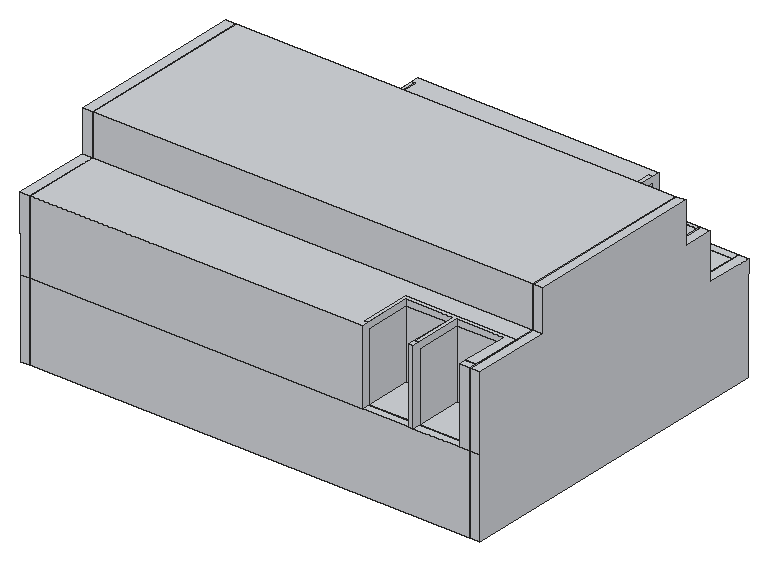
Revit family "Gira_213800", category Electrical Fixtures, host Face, Revit 2017
Family settings
  Host = Face
  Maintain Annotation Orientation = No
  Round Connector Dimension = Use Diameter
  Part Type = Normal
  Cut with Voids When Loaded = No
  Shared = No
  Room Calculation Point = No
Parameters (values of type "Pow.supply 1280 mA choke KNX DRA")
  URL = "https://www.gira.de/"
  Type Comments = ""
  Model = ""
  Manufacturer = "Gira"
  Keynote = ""
  HeinzeBIM = "https://www.heinze.de/bim/pow-supply-1280-ma-choke-knx-dra/d2853a5bf78b8d7a9cae491f6953783b0369dc1b"
  HAN = "213800"
  GTIN = "4010337023241"
  Description = "PS 1280mA choke DRA KNX KNX power supply 1280 mA with integrated choke, Power supplies for supplying KNX devices with bus voltage.,Features: - Output with integrated choke to supply KNX bus lines. - Output DC 30 V to supply additional devices. - Rated current can be flexibly split up amongst outputs. - Reset button. - Short-circuit-proof. - Overvoltage protection. - Open circuit-proof. - Suitable for operation in systems with emergency power supply. - Isolated signal contact for operating message and diagnostic message.,Notes : - Installation on DIN top-hat rail. - VDE approval in accordance with EN 60669-1, EN 60669-2-1."
  Default Elevation = 1219.2 mm
  Cost = 0
  BIMSITE_PRODUCT_ID = "d2853a5bf78b8d7a9cae491f6953783b0369dc1b"
  BIM = "https://media.live.bim.site/t/eyJhbGciOiJIUzI1NiIsInR5cCI6IkpXVCJ9.eyJjdCI6MSwidGYiOiJwdWJsaWMvZ2lyYS8wOWY1ZGI1LzIxMzggMDBfUkVHIDYucmZhIiwiY2lkIjoiZmVkOThlOWEtMWJkOC00YzY4LWE3M2ItNzRhOTRlMzE1ODIzIiwicmlkIjoiZjRkM2MwZjk5ZDRmNGJkMGNhMTE5MTM0M2Q2ODQ4MjAiLCJwaWQiOiJkMjg1M2E1YmY3OGI4ZDdhOWNhZTQ5MWY2OTUzNzgzYjAzNjlkYzFiIiwic2lkIjoiNjM0NzAiLCJ1dCI6NSwibGMiOiJlbiIsImlhdCI6MTYwNzQzMjQ5NiwiaXNzIjoiaHR0cHM6Ly9hcGkubGl2ZS5iaW0uc2l0ZSIsInN1YiI6IjhkM2FhNWNiLWUwNjYtNDU5OC1iZTE2LTZlMTZlZTc0OTU2YSJ9.lhsT9Iqt_3TMd4FgPHf5nkenhWXFoHfgsqP9iBqIsPE/2138 00_REG 6.rfa"
  Assembly Code = ""
Reference planes
  plane 1 "Center (Front/Back)": y = 0
  plane 2: z = 0
  plane 3 "Center (Left/Right)": x = 0
Forms (mm)
  Extrusion 1, solid, detail levels fine
    sketch origin (0, 0, 0) x (0, 1, 0) y (0, 0, 1)
      loop
        line (23, 49.5) -> (-23, 49.5) -> (-23, 39) -> (-43, 39) -> (-43, 20) -> (-43, 0) -> (-41, 0) -> (-41, 18.5) -> (-41, 37.5) -> (-21.5, 37.5) -> (-21.5, 45.5) -> (21.5, 45.5) -> (21.5, 37.5) -> (41, 37.5) -> (41, 0) -> (43, 0) -> (43, 39) -> (23, 39) -> (23, 49.5)
    from -56.45 to 56.45
  Extrusion 2, solid, detail levels fine
    sketch origin (-19.55, 0, 0) x (0, 1, 0) y (0, 0, 1)
      loop
        line (23, 49.5) -> (-23, 49.5) -> (-23, 39) -> (-43, 39) -> (-43, 20) -> (-43, 0) -> (43, 0) -> (43, 20) -> (43, 39) -> (23, 39) -> (23, 49.5)
    from 76 to 78.5
  Extrusion 3, solid, detail levels fine
    sketch origin (19.55, 0, 0) x (0, 1, 0) y (0, 0, -1)
      loop
        line (23, -49.5) -> (23, -39) -> (43, -39) -> (43, -20) -> (43, 0) -> (-43, 0) -> (-43, -20) -> (-43, -39) -> (-23, -39) -> (-23, -49.5) -> (23, -49.5)
    from 76 to 78.5
  Extrusion 4, solid, detail levels medium
    sketch origin (0, 0, 0) x (0, 1, 0) y (0, 0, 1)
      loop
        line (23, 49.5) -> (-23, 49.5) -> (-23, 39) -> (-43, 39) -> (-43, 20) -> (-43, 0) -> (43, 0) -> (43, 20) -> (43, 39) -> (23, 39) -> (23, 49.5)
    from -58.95 to 58.95
  Extrusion 5, solid
    sketch origin (0, 0, 0) x (1, 0, 0) y (0, 1, 0)
      loop
        line (56.45, 41) -> (35, 41) -> (35, 30) -> (56.45, 30) -> (56.45, 41)
    from 25.999 to 39
  Extrusion 6, void
    sketch origin (0, 0, 0) x (1, 0, 0) y (0, 1, 0)
      loop
        line (58.95, 43) -> (36.016, 43) -> (36.016, 30.714) -> (58.95, 30.714) -> (58.95, 43)
    from 27.353 to 39
  Extrusion 7, solid
    sketch origin (0, 0, 0) x (-1, 0, 0) y (0, -1, 0)
      loop
        line (56.45, -41) -> (56.45, -30) -> (25, -30) -> (25, -41) -> (56.45, -41)
    from 25.999 to 39
  Extrusion 8, solid
    sketch origin (0, 0, 0) x (1, 0, 0) y (0, 1, 0)
      loop
        line (56.45, -41) -> (56.45, -27.955) -> (27.77, -27.955) -> (27.77, -41) -> (56.45, -41)
    from 18.5 to 39
  Extrusion 9, void
    sketch origin (0, 0, 0) x (1, 0, 0) y (0, 1, 0)
      loop
        line (53.802, -43) -> (53.802, -29) -> (41.802, -29) -> (41.802, -43) -> (53.802, -43)
      loop
        line (40.802, -43) -> (40.802, -29) -> (28.802, -29) -> (28.802, -43) -> (40.802, -43)
    from 20 to 39
  Extrusion 10, void
    sketch origin (0, 0, 0) x (1, 0, 0) y (0, 1, 0)
      loop
        line (-58.95, 43) -> (-58.95, 30.714) -> (-25.762, 30.714) -> (-25.762, 43) -> (-58.95, 43)
    from 27.353 to 39
  Extrusion 11, solid, detail levels coarse
    sketch origin (0, 0, 0) x (1, 0, 0) y (0, 1, 0)
      loop
        line (-58.95, -43) -> (58.95, -43) -> (58.95, 43) -> (-58.95, 43) -> (-58.95, -43)
    from 0 to 49.5
Cuts and joins
  Extrusion 6, Extrusion 9, Extrusion 10 cuts Extrusion 1
  Extrusion 6 cuts Extrusion 2
  Extrusion 6, Extrusion 9, Extrusion 10 cuts Extrusion 4
  Extrusion 6 cuts Extrusion 5
  Extrusion 9 cuts Extrusion 8
  Extrusion 10 cuts Extrusion 3
  Extrusion 10 cuts Extrusion 7
Dimensions and locks
  aligned and locked: plane 2 to host face
  aligned and locked: level to host face
